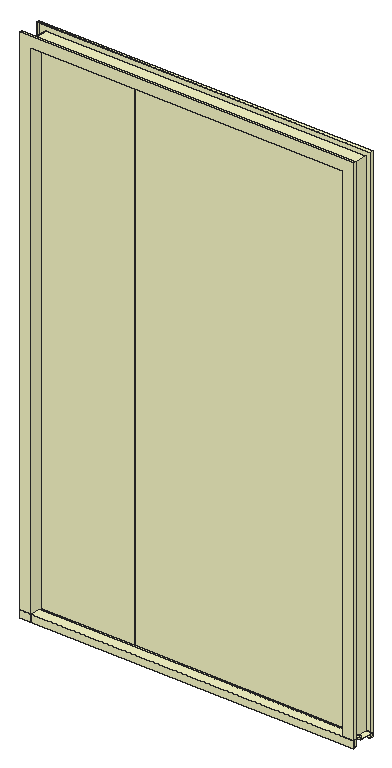
Revit family "0025_M_DR_W_FSD-2", category 문, Revit 2026
Family settings
  호스트 = 벽
  항상 수직 = 예
  로드될 때 보이드를 사용하여 절단 = 아니오
  공유 = 아니오
  룸 계산 점 = 아니오
Parameters (values of type "1.4x2.2")
  Function = (empty or 0)
  Assembly Code = ""
  위치 = 200 mm
  두께 = 100 mm
  대략적인 폭 = 1020 mm
  높이 = 2200 mm
  벽 마무리 = 호스트별
  폭 = 1400 mm
Reference planes
  plane 1: y = 0
  plane 2 "중심(왼쪽/오른쪽)": x = 0
  plane 3 "좌측면": x = -700
  plane 4 "오른쪽": x = 700
  plane 5: z = 2200
  plane 6 "외부": y = 100
  plane 7 "내부": y = -100
  plane 8 "위치": y = 100
  plane 9 "두께": y = 0
  plane 10: x = -199.981
  plane 11: z = 1000
  plane 12: z = 1402.667
  plane 13: z = 246
  plane 14: z = 824.333
  plane 15: z = 1981
  plane 16: x = -265.981
Forms (mm)
  Sweep 1, solid, material "문-Frame", detail levels medium+fine
    path origin (0, 100, 0) x (1, 0, 0) y (0, 0, 1)
      loop
        line (-700, 0) -> (-700, 2200) -> (700, 2200) -> (700, 0)
    profile origin (-700, 100, 1100) x (-1, 0, 0) y (0, -1, 0)
      loop
        line (0, 0) -> (0, 10) -> (-1.6, 10) -> (-1.6, 1.6) -> (-28.4, 1.6) -> (-28.4, 56.6) -> (-43.4, 56.6) -> (-43.4, 98.4) -> (-1.6, 98.4) -> (-1.6, 90) -> (0, 90) -> (0, 100) -> (-45, 100) -> (-45, 45) -> (-41.3, 45) -> (-41.3, 55) -> (-30, 55) -> (-30, 0) -> (0, 0)
  Extrusion 2, solid, material "문-Frame"
    sketch origin (-700, 0, 0) x (0, -1, 0) y (0, 0, 1)
      loop
        line (-100, 0) -> (-90, 0) -> (-90, 1.6) -> (-98.4, 1.6) -> (-98.4, 13.4) -> (-38.4, 13.4) -> (-38.4, 28.4) -> (-1.6, 28.4) -> (-1.6, 1.6) -> (-10, 1.6) -> (-10, 0) -> (0, 0) -> (0, 30) -> (-40, 30) -> (-40, 15) -> (-100, 15) -> (-100, 0)
    from -1400 to 0
  Extrusion 3, solid, material "문-Frame"
    sketch origin (0, 100, 0) x (1, 0, 0) y (0, 0, 1)
      loop
        line (666, 21) -> (666, 2166) -> (-265.981, 2166) -> (-265.981, 21) -> (666, 21)
    from 1 to 39
  Extrusion 4, solid, material "sst"
    sketch origin (200.019, 100, 0) x (1, 0, 0) y (0, 0, 1)
      loop
        circle (-400, 1000) r 40
      loop
        circle (-400, 1000) r 32.5
    from 0 to -2
  Extrusion 5, solid, material "sst"
    sketch origin (400.019, 100, 0) x (1, 0, 0) y (0, 0, 1)
      loop
        line (-575.848, 978.253) -> (-581.421, 983.272)
        arc (-581.421, 983.272) -> (-616.728, 981.421) -> (-618.579, 1016.728) r 25
        line (-618.579, 1016.728) -> (-624.152, 1021.747)
        arc (-624.152, 1021.747) -> (-621.747, 975.848) -> (-575.848, 978.253) r 32.5
    from 0 to -1.5
  Extrusion 6, solid, material "sst"
    sketch origin (400.019, 100, 0) x (1, 0, 0) y (0, 0, 1)
      loop
        circle (-600, 1000) r 32.5
    from 0 to -1
  Extrusion 7, solid, material "sst", detail levels medium+fine
    sketch origin (0, 100, 0) x (1, 0, 0) y (0, 0, 1)
      loop
        line (-265.981, 2166) -> (-666, 2166) -> (-666, 21) -> (-265.981, 21) -> (-265.981, 2166)
    from 0 to 1
  Extrusion 8, solid, material "sst 2", detail levels medium+fine
    sketch origin (0, 100, 0) x (1, 0, 0) y (0, 0, 1)
      loop
        line (666, 2166) -> (-265.981, 2166) -> (-265.981, 1986) -> (666, 1986) -> (666, 2166)
      loop
        line (666, 241) -> (-265.981, 241) -> (-265.981, 21) -> (666, 21) -> (666, 241)
      loop
        line (-265.981, 1981) -> (-265.981, 1405.167) -> (666, 1405.167) -> (666, 1981) -> (-265.981, 1981)
      loop
        line (666, 246) -> (666, 821.833) -> (-265.981, 821.833) -> (-265.981, 246) -> (666, 246)
      loop
        line (666, 826.833) -> (666, 1400.167) -> (-265.981, 1400.167) -> (-265.981, 826.833) -> (666, 826.833)
    from 0 to 1
  Extrusion 9, solid, material "문-Frame"
    sketch origin (-531.961, 100, 0) x (-1, 0, 0) y (0, 0, -1)
      loop
        line (134.039, -21) -> (-265.981, -21) -> (-265.981, -2166) -> (134.039, -2166) -> (134.039, -21)
    from 1 to 39
Lines and regions (mm)
  Opening 1
    outline origin (-3050, -100, 0) x (1, 0, 0) y (0, 0, 1)
      loop
        line (2340, 0) -> (3760, 0) -> (3760, 2210) -> (2340, 2210) -> (2340, 0)
  symbolic lines, style "입면도 스윙"
    curve 1: line (700, -100, 1100) -> (-269.403, -100, 2155)
    curve 2: line (700, 100, 1100) -> (-269.403, 100, 2155)
    curve 19: line (700, -100, 1100) -> (-265.981, -100, 30)
    curve 20: line (700, 100, 1100) -> (-265.981, 100, 30)
  symbolic lines, style "DoorsFrameMullionProjection", detail levels coarse+medium
    curve 3: line (-700, 100, 0) -> (-670, 100, 0)
    curve 4: line (-670, 100, 0) -> (-670, 55, 0)
    curve 5: line (-670, 55, 0) -> (-655, 55, 0)
    curve 6: line (-655, 55, 0) -> (-655, 0, 0)
    curve 7: line (-655, 0, 0) -> (-700, 0, 0)
    curve 8: line (-700, 0, 0) -> (-700, 100, 0)
    curve 9: line (700, 100, 0) -> (670, 100, 0)
    curve 10: line (670, 100, 0) -> (670, 55, 0)
    curve 11: line (670, 55, 0) -> (655, 55, 0)
    curve 12: line (655, 55, 0) -> (655, 0, 0)
    curve 13: line (655, 0, 0) -> (700, 0, 0)
    curve 14: line (700, 0, 0) -> (700, 100, 0)
    curve 15: line (-655, 0, 0) -> (655, 0, 0)
    curve 16: line (-655, 40, 0) -> (655, 40, 0)
    curve 23: line (-700, 100, 0) -> (-670, 100, 0)
  symbolic lines, style "평면도 스윙", detail levels coarse
    curve 17: line (670, 100, 0) -> (670, 955.123, 0)
    curve 21: line (-670, 100, 0) -> (-670, 504.023, 0)
  symbolic lines, style "평면도 스윙"
    curve 18: arc (1432.108, 163.848, 0) -> (551.161, 958.865, 0) -> (-265.981, 98.4, 0) r 849.949
    curve 22: arc (-265.981, 98.4, 0) -> (-630.724, 502.109, 0) -> (-1066.693, 176.609, 0) r 404.023
  symbolic lines, style "Doors", detail levels medium+fine
    curve 24: line (-629.218, 151.861, 0) -> (-630.614, 191.837, 0)
    curve 25: line (-630.614, 191.837, 0) -> (-1066.693, 176.609, 0)
    curve 26: line (-1065.297, 136.633, 0) -> (-629.218, 151.861, 0)
    curve 27: line (-1066.693, 176.609, 0) -> (-1065.297, 136.633, 0)
    curve 28: line (629.218, 151.861, 0) -> (630.614, 191.837, 0)
    curve 29: line (630.614, 191.837, 0) -> (1432.261, 163.843, 0)
    curve 30: line (1430.865, 123.867, 0) -> (629.218, 151.861, 0)
    curve 31: line (1432.261, 163.843, 0) -> (1430.865, 123.867, 0)
Text (mm)
  text "외부" at (-2295.016, 1099.543, 0), in view "참조 레벨"
  text "외부" at (0, 1615.38, 3698.081), in view "좌측면"
  text "외부" at (0, 1036.032, 3874.932), in view "오른쪽"
Dimensions and locks
  equal spacing: plane 3 "좌측면", plane 2 "중심(왼쪽/오른쪽)", plane 4 "오른쪽"
  "폭": plane 3 "좌측면" to plane 4 "오른쪽"
  "높이": host wall to plane 5
  equal spacing: host wall, curve 2, plane 5
  plane 6 "외부" to host wall = 0 mm
  plane 7 "내부" to host wall = 0 mm
  "위치": plane 7 "내부" to plane 8 "위치"
  locked: plane 4 "오른쪽" to Opening 1 sketch curve at 10
  locked: Opening 1 sketch curve to plane 3 "좌측면" at 10
  locked: plane 5 to Opening 1 sketch curve at 10
  locked: Sweep 1 sketch curve to Sweep 1 sketch curve at 1.6
  locked: Sweep 1 sketch curve to Sweep 1 sketch curve at 55
  "두께": plane 9 "두께" to plane 8 "위치"
  locked: Extrusion 3 sketch curve to Sweep 1 at 4  (x2)
  Extrusion 3 sketch curve to Sweep 1 = 404.019 mm
  locked: Extrusion 2 to Extrusion 3 sketch curve at 6
  Sweep 1 to plane 10 = 470.019 mm
  locked: level to plane 11 at 1000
  Extrusion 8 sketch curve to Extrusion 7 = 0 mm  (x2)
  locked: Extrusion 8 sketch curve to Sweep 1 at 184
  locked: Extrusion 2 to Extrusion 8 sketch curve at 227.6
  locked: plane 15 to Extrusion 3 at 185
  locked: Extrusion 8 sketch curve to plane 13 at 225
  equal spacing: plane 13, plane 14, plane 12, plane 15
  Extrusion 8 sketch curve to plane 12 to Extrusion 8 sketch curve = 2.5 mm, 2.5 mm
  Extrusion 8 sketch curve to plane 14 to Extrusion 8 sketch curve = 2.5 mm locked, 2.5 mm locked
  locked: nested 1 to plane 4 "오른쪽" at 19.587
  locked: nested 1 to plane 8 "위치" at 33.351
  aligned and locked: Opening 1 sketch curve to level
  aligned and locked: plane 1 to host wall
  aligned and locked: plane 9 "두께" to Sweep 1 sketch curve
  aligned and locked: plane 9 "두께" to Extrusion 2 sketch curve
  aligned and locked: plane 8 "위치" to Extrusion 2 sketch curve
  aligned and locked: Extrusion 2 to plane 4 "오른쪽"
  aligned and locked: curve 3 to Sweep 1
  aligned and locked: curve 5 to Sweep 1
  aligned and locked: Sweep 1 to Extrusion 2
  aligned and locked: Extrusion 8 sketch curve to Extrusion 3  (x6)
  aligned and locked: Extrusion 8 sketch curve to plane 15
  aligned and locked: Sweep 1 to curve 13
  aligned and locked: curve 11 to Sweep 1
  aligned and locked: Sweep 1 to curve 9
  aligned and locked: curve 8 to Extrusion 2
  aligned and locked: curve 4 to Sweep 1
  aligned and locked: curve 6 to Sweep 1
  aligned and locked: curve 14 to Extrusion 2
  aligned and locked: curve 10 to Sweep 1
  aligned and locked: curve 12 to Sweep 1
  aligned and locked: curve 2 to curve 1
  aligned and locked: Extrusion 3 sketch curve to plane 16
  aligned and locked: Extrusion 3 to Extrusion 8 sketch curve
  aligned and locked: plane 16 to Extrusion 8 sketch curve
  aligned: curve 20 to curve 19
Automatic sketch dimensions
  Sweep 1 sketch curve to plane 3 "좌측면" = 0 mm
  Sweep 1 sketch curve to plane 4 "오른쪽" = 0 mm
  Sweep 1 sketch curve to level = 0 mm  (x2)
  Sweep 1 sketch curve to plane 5 = 0 mm
  Sweep 1 sketch curve to plane 8 "위치" = 0 mm
  Sweep 1 sketch curve to profile plane = 0 mm  (x2)
  profile plane to Sweep 1 sketch curve = 1.6 mm  (x2)
  profile plane to Sweep 1 sketch curve = 28.4 mm
  Sweep 1 sketch curve to Sweep 1 sketch curve = 1.6 mm  (x3)
  Sweep 1 sketch curve to Sweep 1 sketch curve = 11.3 mm
  Sweep 1 sketch curve to Sweep 1 sketch curve = 41.8 mm
  plane 8 "위치" to Sweep 1 sketch curve = 1.6 mm
  Sweep 1 sketch curve to Sweep 1 sketch curve = 8.4 mm  (x2)
  Sweep 1 sketch curve to Sweep 1 sketch curve = 10 mm
  Extrusion 2 sketch curve to level = 0 mm  (x2)
  level to Extrusion 2 sketch curve = 15 mm
  Extrusion 2 sketch curve to Extrusion 2 sketch curve = 15 mm
  Extrusion 2 sketch curve to plane 9 "두께" = 40 mm
  Extrusion 2 sketch curve to Extrusion 2 sketch curve = 1.6 mm  (x3)
  Extrusion 2 sketch curve to plane 9 "두께" = 1.6 mm
  plane 8 "위치" to Extrusion 2 sketch curve = 1.6 mm
  Extrusion 2 sketch curve to plane 9 "두께" = 10 mm
  plane 8 "위치" to Extrusion 2 sketch curve = 10 mm
  level to Extrusion 2 sketch curve = 1.6 mm  (x2)
  Extrusion 4 sketch curve to plane 10 = 0 mm
  Extrusion 4 sketch curve to plane 11 = 0 mm
  Extrusion 4 sketch curve to Extrusion 4 sketch curve = 0 mm  (x2)
  Extrusion 5 sketch curve to Extrusion 5 sketch curve = 0 mm  (x2)
  Extrusion 5 sketch curve to plane 3 "좌측면" = 475.867 mm
  Extrusion 5 sketch curve to Extrusion 5 sketch curve = 5.574 mm  (x2)
  Extrusion 5 sketch curve to Extrusion 5 sketch curve = 18.579 mm  (x2)
  level to Extrusion 5 sketch curve = 978.253 mm
  Extrusion 5 sketch curve to Extrusion 5 sketch curve = 5.018 mm
  Extrusion 5 sketch curve to Extrusion 5 sketch curve = 16.728 mm
  Extrusion 6 sketch curve to plane 3 "좌측면" = 500.019 mm
  level to Extrusion 6 sketch curve = 1000 mm
  level to Extrusion 7 sketch curve = 21 mm
  Extrusion 7 sketch curve to Extrusion 7 sketch curve = 400.019 mm
  plane 5 to Extrusion 7 sketch curve = 34 mm
  Extrusion 7 sketch curve to plane 3 "좌측면" = 34 mm
  Extrusion 8 sketch curve to Extrusion 8 sketch curve = 0 mm  (x2)
  Extrusion 8 sketch curve to plane 13 = 0 mm
  plane 4 "오른쪽" to Extrusion 8 sketch curve = 34 mm
  Extrusion 9 sketch curve to plane 16 = 0 mm
  plane 5 to Extrusion 9 sketch curve = 34 mm
  Extrusion 9 sketch curve to plane 3 "좌측면" = 34 mm
  level to Extrusion 9 sketch curve = 21 mm
  curve 22 to host wall = 0 mm
  curve 18 to plane 16 = 0 mm
  host wall to curve 26 = 36.633 mm
  plane 3 "좌측면" to curve 26 = 365.297 mm
  host wall to curve 27 = 76.609 mm
  curve 27 to curve 26 = 1.396 mm
  curve 22 to curve 3 = 0 mm
  curve 24 to plane 3 "좌측면" = 69.386 mm
  host wall to curve 18 = 9.546 mm
  curve 18 to curve 9 = 86.105 mm
  curve 18 to curve 28 = 45.323 mm
  curve 28 to curve 28 = 1.396 mm
  host wall to curve 30 = 23.867 mm
  curve 30 to plane 4 "오른쪽" = 730.865 mm
  curve 18 to curve 29 = 0.153 mm
  curve 16 to curve 11 = 15 mm
  curve 1 to plane 4 "오른쪽" = 0 mm
  curve 2 to plane 4 "오른쪽" = 0 mm
  plane 16 to curve 2 = 3.422 mm
  plane 5 to curve 2 = 45 mm
  plane 16 to curve 1 = 3.422 mm
  curve 19 to plane 16 = 0 mm
  curve 19 to plane 4 "오른쪽" = 0 mm
  level to curve 19 = 30 mm
  level to curve 19 = 1100 mm
  curve 20 to plane 4 "오른쪽" = 0 mm
  curve 20 to plane 16 = 0 mm
  level to curve 20 = 30 mm
  level to curve 20 = 1100 mm
  radius of Extrusion 4 sketch curve = 40 mm
  radius of Extrusion 4 sketch curve = 32.5 mm
  radius of Extrusion 6 sketch curve = 32.5 mm
Nested families
  nested 1: "힌지90" at (647.165, 126.11, 0), type "50mm 지름", detail levels medium+fine
  nested 2: "힌지90" at (-647.165, 126.11, 0) x (-1, 0, 0) z (0, 0, 1), type "50mm 지름", detail levels medium+fine
Definition of nested family "힌지90"
  Parameters
    장착 지름 = 50 mm
    난간 반지름 = 20 mm
    받침 지름 = 10 mm
    받침 간격띄우기 = 38 mm
    벽 간격띄우기 = 70 mm
  Reference planes
    plane 1 "중심(입면)": y = 0
    plane 2: z = 0
    plane 3 "중심(왼쪽/오른쪽)": x = 0
    plane 4 "벽": x = 70
    plane 5 "받침 중심": y = -58
    plane 6: y = -20, in view "지층"
    plane 7: y = 20, in view "지층"
  Lines and regions (mm)
    model lines, in view "지층"
      curve 1: arc (21.62, 0.388, 0) -> (-14.247, 16.266, 0) -> (-3.232, -21.38, 0) r 21.623
      curve 2: arc (40.602, 0.639, 0) -> (40.229, -4.355, 0) -> (36.41, -7.595, 0) r 6.487
      curve 3: arc (13.894, 16.569, 0) -> (-5.732, 20.849, 0) -> (-20.411, 7.137, 0) r 21.623
      curve 4: arc (25.825, 20.548, 0) -> (26.501, 21.015, 0) -> (26.761, 21.794, 0) r 1.297
      curve 5: arc (-2.129, -22.618, 0) -> (-2.457, -21.8, 0) -> (-3.232, -21.38, 0) r 1.297
      curve 6: arc (56.633, -28.52, 0) -> (54.574, -24.002, 0) -> (49.923, -22.264, 0) r 6.487
      curve 7: arc (21.62, 0.388, 0) -> (29.116, -8.089, 0) -> (40.078, -10.895, 0) r 19.268
      curve 8: arc (56.783, -32.829, 0) -> (58.156, -35.841, 0) -> (61.256, -37, 0) r 4.325
      curve 9: arc (95.364, -40.137, 0) -> (93.991, -37.125, 0) -> (90.891, -35.965, 0) r 4.325
      curve 10: line (95.364, -40.137, 0) -> (95.922, -56.126, 0)
      curve 11: line (95.922, -56.126, 0) -> (-0.841, -59.505, 0)
      curve 12: line (-0.841, -59.505, 0) -> (-2.129, -22.618, 0)
      curve 13: line (36.41, -7.595, 0) -> (31.273, -9.226, 0)
      curve 14: line (-20.411, 7.137, 0) -> (25.825, 20.548, 0)
      curve 15: line (26.761, 21.794, 0) -> (26.761, 59.46, 0)
      curve 16: line (26.761, 59.46, 0) -> (33.248, 59.46, 0)
      curve 17: line (33.248, 59.46, 0) -> (33.248, 22.701, 0)
      curve 18: line (33.248, 22.701, 0) -> (40.602, 0.639, 0)
      curve 19: line (56.633, -28.52, 0) -> (56.783, -32.829, 0)
      curve 20: line (40.078, -10.895, 0) -> (49.923, -22.264, 0)
      curve 21: line (61.256, -37, 0) -> (90.891, -35.965, 0)
      curve 23: line (-16.551, -65.727, 0) -> (-17.947, -25.752, 0)
    detail lines, in view "지층"
      curve 22: line (343.23, -53.163, 0) -> (-16.551, -65.727, 0)
      curve 24: line (-17.947, -25.752, 0) -> (341.834, -13.188, 0)
  Dimensions and locks
    "벽 간격띄우기": plane 3 "중심(왼쪽/오른쪽)" to plane 4 "벽"
    "받침 간격띄우기": plane 6 to plane 5 "받침 중심"
    "난간 반지름": plane 1 "중심(입면)" to plane 6
    "난간 반지름": plane 1 "중심(입면)" to plane 7
  Automatic sketch dimensions
    curve 24 to plane 6 = 5.752 mm
    curve 24 to plane 3 "중심(왼쪽/오른쪽)" = 17.947 mm
    plane 5 "받침 중심" to curve 22 = 7.727 mm
    curve 22 to plane 3 "중심(왼쪽/오른쪽)" = 16.551 mm
    plane 6 to curve 24 = 6.812 mm
    curve 24 to plane 4 "벽" = 271.834 mm
    curve 22 to plane 5 "받침 중심" = 4.837 mm
    curve 24 to curve 22 = 1.396 mm
